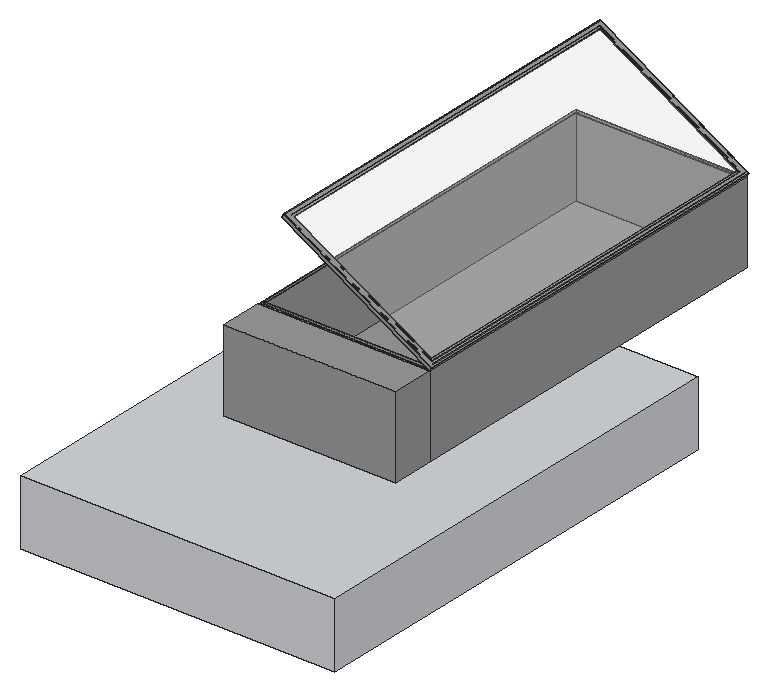
Revit family "Hager-Univers-IP55-D400-H2050-Cl.I-Steel_encl-NoHosted-DE-de", category Equipement électrique, Revit 2020
Family settings
  Hôte = Face
  Configuration du panneau = Deux colonnes, circuits au sein
  Cote de connecteur circulaire = Utiliser le diamètre
  Type d'élément = Tableau de raccordement
  Couper avec des vides une fois chargée = Non
  Partagée = Non
  Point de calcul de pièce = Non
Parameters (values of type "Bodenaufstellung IP55 B800 H2050 T400  - FR23V2")
  Width Control [instance] = if([EF000008 - Breite] > Min Width, [EF000008 - Breite], Min Width)  # 800 mm
  Commentaires du type = [HG000003 - Bereich]  # "Univers"
  Thickness Door [instance] = if([EF009171 - Materialstärke Tür/Deckel] > 3 mm, 3 mm, [EF009171 - Materialstärke Tür/Deckel])  # 1.5 mm
  Seal Frame Offset [instance] = 17 mm  # constant formula
  Plinth Visibility [instance] = [HG000027 - Sockelhöhe] > 0 mm  # yes
  Model = ""
  Min Width [instance] = 100 mm  # constant formula
  Min Height [instance] = 100 mm  # constant formula
  Min Depth [instance] = (2 * [EF009170 - Materialstärke Gehäuse]) + 1 mm  # 4 mm
  Internal Frame Depth [instance] = (Door System Depth * 0.5)  # 9 mm
  Height Control [instance] = if([EF000040 - Höhe] > Min Height, [EF000040 - Höhe], Min Height)  # 2050 mm
  HG000027 - Sockelhöhe = 200 mm
  HG000026 - Stehend auf dem Boden = yes
  HG000024 - Höhe des unteren Teils = 800 mm
  HG000023 - Gehäuse mit doppeltem Querschnitt = no
  HG000016 - 3D-Türsichtbarkeit [instance] = yes
  HG000015 - Sichtbarkeit der Türöffnung [instance] = no
  HG000014 - Tür rechts [instance] = yes
  HG000013 - Tür links [instance] = not([HG000014 - Tür rechts])  # no
  HG000012 - Türschwenkwinkel [instance] = 30.00°
  HG000010 - Asymmetrische Türen = no
  HG000009 - Doppelflügeligen Tür = no
  HG000006 - Unterputz = no
  HG000004 - Herstellerreferenz = "FR23V2"
  HG000003 - Bereich = "Univers"
  HG000002 - Mit tür = yes
  Frame Offset Bottom [instance] = 10 mm  # constant formula
  Frame Offset [instance] = 15 mm  # constant formula
  EF015940 - Deckel mit Überdruckentlastung = no
  EF011959 - Schutzart (NEMA) = ""
  EF009554 - Anzahl der Öffnungen für Flanschplatten = 6
  Fabricant = "Hager"  # constant formula
  EF009212 - Ausführung Deckel = "EV000116 - geschlossen"
  EF009171 - Materialstärke Tür/Deckel = 1.5 mm
  EF009170 - Materialstärke Gehäuse = 1.5 mm
  EF008873 - Nennstrom (In) = 800 A
  EF007800 - Geeignet für Blitzschutz = no
  EF006306 - Mit Schloss = no
  EF006244 - Transparenter Deckel/Tür = yes
  EF005474 - Schutzart (IP) = "EV006420 - IP55"
  EF004464 - Art der Tür = "EV002646 - Einzel"
  EF004427 - Anzahl der Module = 432
  EF004293 - Schlagfestigkeit = "EV008784 - IK10"
  EF003532 - Geeignet für Außengebrauch = no
  EF002950 - Breite in Teilungseinheiten = 24
  EF001613 - Funktionserhalt = "EV000494 - ohne"
  EF001596 - Werkstoff des Gehäuses = "EV000179 - Stahl"
  EF001131 - Innentiefe = 400 mm
  EF001088 - Anbaumöglichkeit = yes
  EF000437 - Anzahl der Leitungseinführungen = 6
  EF000339 - Art der Abdeckung = "EV004216 - Tür"
  EF000266 - Anzahl der Reihen = 12
  EF000218 - Einbautiefe = 0 mm
  EF000118 - Mit Montageplatte = no
  EF000116 - RAL-Nummer = "7035"
  EF000049 - Tiefe = 400 mm
  EF000040 - Höhe = 2050 mm
  EF000008 - Breite = 800 mm
  EF000007 - Farbe = "EV000270 - grau"
  EF000003 - Montageart = "EV012274 - Bodenaufstellung"
  Door System Leaf Tolerance [instance] = 1.5 mm  # constant formula
  Door System Depth [instance] = 18 mm  # constant formula
  Door Height [instance] = Height Control - [HG000027 - Sockelhöhe]  # 1850 mm
  Depth Control [instance] = if([EF000049 - Tiefe] > Min Depth, [EF000049 - Tiefe], Min Depth)  # 400 mm
  Default Elevation = 0 mm
  Connector Offset [instance] = Height Control / 2  # 1025 mm
  Bottom Top Plate Trim [instance] = 1.5 mm  # constant formula
  Plinth height Ctrl [instance] = if([HG000027 - Sockelhöhe] > 0 mm, [HG000027 - Sockelhöhe], 12 mm)  # 200 mm
Types (11, lengths in mm): name | Width Control | HG000010 - Asymmetrische Türen | HG000009 - Doppelflügeligen Tür | HG000004 - Herstellerreferenz | EF009554 - Anzahl der Öffnungen für Flanschplatten | EF006244 - Transparenter Deckel/Tür | EF004464 - Art der Tür | EF004427 - Anzahl der Module | EF000437 - Anzahl der Leitungseinführungen | EF000008 - Breite
  Bodenaufstellung IP55 B1050 H2050 T400  - FR24G2 | 1050 | yes | yes | "FR24G2" | 8 | no | "EV003602 - Doppel" | 576 | 8 | 1050
  Bodenaufstellung IP55 B1050 H2050 T400  - FR24V2 | 1050 | yes | yes | "FR24V2" | 8 | yes | "EV003602 - Doppel" | 576 | 8 | 1050
  Bodenaufstellung IP55 B1300 H2050 T400  - FR25G2 | 1300 | yes | yes | "FR25G2" | 10 | no | "EV003602 - Doppel" | 720 | 10 | 1300
  Bodenaufstellung IP55 B1300 H2050 T400  - FR25V2 | 1300 | yes | yes | "FR25V2" | 10 | yes | "EV003602 - Doppel" | 720 | 10 | 1300
  Bodenaufstellung IP55 B1550 H2050 T400  - FR26G2 | 1550 | yes | yes | "FR26G2" | 12 | no | "EV003602 - Doppel" | 864 | 12 | 1550
  Bodenaufstellung IP55 B1550 H2050 T400  - FR26V2 | 1550 | yes | yes | "FR26V2" | 12 | yes | "EV003602 - Doppel" | 864 | 12 | 1550
  Bodenaufstellung IP55 B300 H2050 T400  - FR21G2 | 300 | no | no | "FR21G2" | 2 | no | "EV002646 - Einzel" | 144 | 2 | 300
  Bodenaufstellung IP55 B550 H2050 T400  - FR22G2 | 550 | no | no | "FR22G2" | 4 | no | "EV002646 - Einzel" | 288 | 4 | 550
  Bodenaufstellung IP55 B550 H2050 T400  - FR22V2 | 550 | no | no | "FR22V2" | 4 | yes | "EV002646 - Einzel" | 288 | 4 | 550
  Bodenaufstellung IP55 B800 H2050 T400  - FR23G2 | 800 | no | no | "FR23G2" | 6 | no | "EV002646 - Einzel" | 432 | 6 | 800
  Bodenaufstellung IP55 B800 H2050 T400  - FR23V2 | 800 | no | no | "FR23V2" | 6 | yes | "EV002646 - Einzel" | 432 | 6 | 800
Reference planes
  plane 1 "Center (Front/Back)": y = 0
  plane 2: z = 0
  plane 3 "Center (Left/Right)": x = 0
  plane 4: z = 400
  plane 5: y = 201.5
  plane 6: y = 1125
  plane 7: y = 200
  plane 8: y = 2050
  plane 9: z = 0
  plane 10: x = -385
  plane 11: x = 385
  plane 12: x = 383.5
  plane 13: x = -383.5
  plane 14: y = 2048.5
  plane 15: x = -383
  plane 16: x = -400
  plane 17: x = 383
  plane 18: x = 400
  plane 19: x = 398.5
  plane 20: x = -398.5
  plane 21: y = 211.5
  plane 22: y = 2050
  plane 23: y = 2033.5
  plane 24: z = 382
  plane 25: z = 1.5
  plane 26: z = 380.5
  plane 27: z = 398.5
Forms (mm)
  Extrusion 1, solid
    sketch origin (0, 0, 0) x (1, 0, 0) y (0, 1, 0)
      loop
        line (-702.964, 1305) -> (-702.964, -811.445) -> (766.763, -811.445) -> (766.763, 1305) -> (-702.964, 1305)
    from 0 to -304.8
  Extrusion 2, solid, material "Hager_Steel_RAL7035_Light_Grey", visible <- "Plinth Visibility", detail levels medium+fine
    sketch origin (0, 0, 0) x (1, 0, 0) y (0, 1, 0)
      loop
        line (-400, 0) -> (400, 0) -> (400, 200) -> (-400, 200) -> (-400, 0)
    from 0 to 382
  Extrusion 3, solid, material "Hager_Steel_RAL7035_Light_Grey", detail levels medium+fine
    sketch origin (0, 0, 0) x (1, 0, 0) y (0, 1, 0)
      loop
        line (-400, 200) -> (400, 200) -> (400, 2050) -> (-400, 2050) -> (-400, 200)
    from 0 to 382
  Extrusion 4, void
    sketch origin (0, 0, 0) x (1, 0, 0) y (0, 1, 0)
      loop
        line (-398.5, 201.5) -> (398.5, 201.5) -> (398.5, 2048.5) -> (-398.5, 2048.5) -> (-398.5, 201.5)
    from 1.5 to 380.5
  Extrusion 5, void
    sketch origin (-381.607, -4572, 382) x (0, -1, 0) y (-1, 0, 0)
      loop
        line (-4783.5, 1.893) -> (-6605.5, 1.893) -> (-6605.5, -765.107) -> (-4783.5, -765.107) -> (-4783.5, 1.893)
    from 0 to 1.5 <- "EF009170 - Materialstärke Gehäuse"
  Extrusion 6, solid, material "Hager_Steel_RAL7035_Light_Grey", detail levels fine
    sketch origin (0, 0, 382) x (1, 0, 0) y (0, 1, 0)
      loop
        line (-383.5, 2033.5) -> (-383.5, 211.5) -> (383.5, 211.5) -> (383.5, 2033.5) -> (-383.5, 2033.5)
      loop
        line (-385, 210) -> (385, 210) -> (385, 2035) -> (-385, 2035) -> (-385, 210)
    from 0 to 9 <- "Internal Frame Depth"
  Extrusion 7, solid, material "Hager_Steel_RAL7035_Light_Grey", detail levels coarse
    sketch origin (0, 0, 0) x (1, 0, 0) y (0, 1, 0)
      loop
        line (-400, 0) -> (400, 0) -> (400, 2050) -> (-400, 2050) -> (-400, 0)
    from 0 to 400
  Sweep 8, void
    path in 3D
      loop
        line (-400, 200, 0) -> (400, 200, 0) -> (400, 200, 382) -> (-400, 200, 382) -> (-400, 200, 0)
    profile origin (-400, 200, 191) x (-1, 0, 0) y (0, -1, 0)
      loop
        line (0, 0) -> (0, 1.5) -> (-1.5, 1.5)
        arc (-1.5, 1.5) -> (-1.061, 0.439) -> (0, 0) r 1.5
Cuts and joins
  Extrusion 4, Extrusion 5 cuts Extrusion 3
  Sweep 8 cuts Extrusion 2
Lines and regions (mm)
  Masking region 1
    outline origin (0, 0, 0) x (1, 0, 0) y (0, 0, 1)
      loop
        line (-400, 400) -> (-400, 0) -> (400, 0) -> (400, 400) -> (-400, 400)
  Masking region 2, detail levels medium+fine
    outline origin (0, 140, 0) x (0, 1, 0) y (0, 0, 1)
      loop
        line (60, 0) -> (1910, 0) -> (1910, 382) -> (60, 382) -> (60, 0)
  Masking region 3, not visible, detail levels medium+fine
    outline origin (0, 297.922, 0) x (0, 1, 0) y (0, 0, 1)
      loop
        line (838.578, 0) -> (878.578, 0) -> (878.578, 388.5)
        arc (878.578, 388.5) -> (875.649, 395.571) -> (868.578, 398.5) r 10
        line (868.578, 398.5) -> (838.578, 398.5) -> (838.578, 0)
  Masking region 4, detail levels coarse
    outline origin (0, 0, 180) x (0, 1, 0) y (0, 0, 1)
      loop
        line (0, -180) -> (2050, -180) -> (2050, 220) -> (0, 220) -> (0, -180)
  Masking region 5, visible <- "Plinth Visibility", detail levels medium+fine
    outline origin (0, 52.24, 12.345) x (0, 0, -1) y (0, 1, 0)
      loop
        line (10.845, 147.76) -> (-368.155, 147.76)
        arc (-368.155, 147.76) -> (-368.594, 146.699) -> (-369.655, 146.26) r 1.5
        line (-369.655, 146.26) -> (-369.655, -52.24) -> (12.345, -52.24) -> (12.345, 146.26)
        arc (12.345, 146.26) -> (11.285, 146.699) -> (10.845, 147.76) r 1.5
  Masking region 6, detail levels medium+fine
    outline origin (-381.607, -4572, 382) x (-1, 0, 0) y (0, -1, 0)
      loop
        line (18.393, -6622) -> (18.393, -4772) -> (-781.607, -4772) -> (-781.607, -6622) -> (18.393, -6622)
  Masking region 7, visible <- "Plinth Visibility", detail levels medium+fine
    outline origin (-381.607, -4727, 382) x (-1, 0, 0) y (0, -1, 0)
      loop
        arc (16.893, -4927) -> (17.332, -4925.939) -> (18.393, -4925.5) r 1.5
        line (18.393, -4925.5) -> (18.393, -4727) -> (-781.607, -4727) -> (-781.607, -4925.5)
        arc (-781.607, -4925.5) -> (-780.546, -4925.939) -> (-780.107, -4927) r 1.5
        line (-780.107, -4927) -> (16.893, -4927)
  Masking region 8, detail levels coarse
    outline origin (-442.548, -4669.526, 382) x (-1, 0, 0) y (0, -1, 0)
      loop
        line (-42.548, -6719.526) -> (-42.548, -4669.526) -> (-842.548, -4669.526) -> (-842.548, -6719.526) -> (-42.548, -6719.526)
  sketch lines
    curve 1: line (-400, 200, 382) -> (-400, 200, 0)
    curve 2: line (400, 200, 382) -> (-400, 200, 382)
    curve 3: line (400, 200, 382) -> (400, 200, 0)
    curve 4: line (-400, 200, 0) -> (400, 200, 0)
Dimensions and locks
  "Depth Control": plane 4 to Extrusion 1
  "HG000027 - Sockelhöhe": plane 1 "Center (Front/Back)" to plane 7
  "EF009170 - Materialstärke Gehäuse": plane 5 to plane 7
  locked: connector elem to plane 3 "Center (Left/Right)"
  equal spacing: plane 8, plane 6, plane 7
  locked: connector elem to plane 6
  "EF009170 - Materialstärke Gehäuse": plane 8 to plane 14
  "EF009170 - Materialstärke Gehäuse": plane 10 to plane 13
  "EF009170 - Materialstärke Gehäuse": plane 12 to plane 11
  "Frame Offset": plane 20 to plane 13
  "Frame Offset": plane 12 to plane 19
  "EF009170 - Materialstärke Gehäuse": plane 16 to plane 20
  "EF009170 - Materialstärke Gehäuse": plane 19 to plane 18
  "Seal Frame Offset": plane 16 to plane 15
  "Seal Frame Offset": plane 17 to plane 18
  "Frame Offset Bottom": plane 21 to plane 5
  "Frame Offset": plane 14 to plane 23
  equal spacing: plane 16, plane 3 "Center (Left/Right)", plane 18
  "Width Control": plane 16 to plane 18
  "EF009170 - Materialstärke Gehäuse": plane 4 to plane 27
  "EF009170 - Materialstärke Gehäuse": plane 24 to plane 26
  "EF009170 - Materialstärke Gehäuse": plane 25 to level
  "Door System Depth": plane 4 to plane 24
  "Height Control": plane 1 "Center (Front/Back)" to Extrusion 7 sketch curve
  "Height Control": Masking region 4 sketch curve to plane 1 "Center (Front/Back)"
  "Height Control": plane 1 "Center (Front/Back)" to plane 22
  "Bottom Top Plate Trim": profile plane to Sweep 8 sketch curve
  "Bottom Top Plate Trim": Sweep 8 sketch curve to profile plane
  "Plinth height Ctrl": plane 1 "Center (Front/Back)" to Extrusion 2 sketch curve
  "Plinth height Ctrl": Masking region 5 sketch curve to plane 1 "Center (Front/Back)"
  "Plinth height Ctrl": plane 1 "Center (Front/Back)" to Masking region 7 sketch curve
  "Thickness Door": Extrusion 6 sketch curve to Extrusion 6 sketch curve  (x3)
  "Thickness Door": cut or joined group of Extrusion 3, Extrusion 4, Extrusion 5 to Extrusion 6 sketch curve
  radius of Masking region 3 sketch curve = 10 mm
  "Bottom Top Plate Trim": radius of Masking region 5 sketch curve  (x2)
  "Bottom Top Plate Trim": radius of Sweep 8 sketch curve
  "Bottom Top Plate Trim": radius of Masking region 7 sketch curve  (x2)
  aligned and locked: plane 2 to Extrusion 1
  aligned and locked: level to Extrusion 1
  aligned and locked: level to Masking region 1 sketch curve
  aligned and locked: Masking region 1 sketch curve to plane 18
  aligned and locked: Masking region 1 sketch curve to plane 16
  aligned and locked: plane 7 to Masking region 2 sketch curve
  aligned and locked: level to Masking region 3 sketch curve
  aligned and locked: Masking region 3 sketch curve to plane 27
  aligned and locked: level to Masking region 2 sketch curve
  aligned and locked: plane 1 "Center (Front/Back)" to Extrusion 2 sketch curve
  aligned and locked: Extrusion 3 sketch curve to plane 7
  aligned and locked: plane 16 to Extrusion 3 sketch curve
  aligned and locked: plane 18 to Extrusion 3 sketch curve
  aligned and locked: plane 20 to Extrusion 4 sketch curve
  aligned and locked: plane 19 to Extrusion 4 sketch curve
  aligned and locked: Extrusion 4 sketch curve to plane 5
  aligned and locked: Extrusion 4 to plane 25
  aligned and locked: plane 26 to Extrusion 4
  aligned and locked: plane 24 to Extrusion 3
  aligned and locked: Extrusion 5 sketch curve to plane 21
  aligned and locked: Extrusion 5 sketch curve to plane 13
  aligned and locked: Extrusion 5 sketch curve to plane 12
  aligned and locked: plane 18 to Extrusion 7 sketch curve
  aligned and locked: plane 1 "Center (Front/Back)" to Extrusion 7 sketch curve
  aligned and locked: plane 16 to Extrusion 7 sketch curve
  aligned and locked: plane 4 to Extrusion 7
  aligned and locked: Extrusion 7 to level
  aligned and locked: level to Masking region 4 sketch curve
  aligned and locked: Masking region 4 sketch curve to plane 1 "Center (Front/Back)"
  aligned and locked: Masking region 4 sketch curve to plane 4
  aligned and locked: nested 1 to level
  aligned and locked: nested 1 to plane 16
  aligned and locked: plane 8 to Extrusion 3 sketch curve
  aligned and locked: plane 23 to Extrusion 5 sketch curve
  aligned and locked: plane 14 to Extrusion 4 sketch curve
  aligned and locked: Masking region 2 sketch curve to plane 8
  aligned and locked: level to Masking region 5 sketch curve
  aligned and locked: plane 16 to Extrusion 2 sketch curve
  aligned and locked: plane 18 to Extrusion 2 sketch curve
  aligned and locked: Masking region 5 sketch curve to plane 24
  aligned and locked: Masking region 2 sketch curve to plane 24
  aligned and locked: plane 24 to Extrusion 2
  aligned and locked: profile plane to Sweep 8 sketch curve  (x2)
  aligned and locked: Masking region 6 sketch curve to plane 18
  aligned and locked: Masking region 6 sketch curve to plane 22
  aligned and locked: Masking region 6 sketch curve to plane 16
  aligned and locked: plane 8 to plane 22
  aligned and locked: Masking region 6 sketch curve to plane 7
  aligned and locked: Masking region 7 sketch curve to plane 16
  aligned and locked: Masking region 7 sketch curve to plane 1 "Center (Front/Back)"
  aligned and locked: Masking region 7 sketch curve to plane 18
  aligned and locked: Masking region 8 sketch curve to plane 1 "Center (Front/Back)"
  aligned and locked: Masking region 8 sketch curve to plane 18
  aligned and locked: Masking region 8 sketch curve to plane 22
  aligned and locked: Masking region 8 sketch curve to plane 16
  aligned and locked: nested 2 to plane 7
  aligned and locked: plane 3 "Center (Left/Right)" to nested 2
  aligned and locked: nested 2 to plane 24
  aligned and locked: Extrusion 6 sketch curve to cut or joined group of Extrusion 3, Extrusion 4, Extrusion 5  (x4)
Automatic sketch dimensions
  Extrusion 1 sketch curve to Extrusion 1 sketch curve = 1469.727 mm
  Extrusion 1 sketch curve to Extrusion 1 sketch curve = 2116.445 mm
  Masking region 1 sketch curve to plane 4 = 0 mm
  plane 6 to Masking region 3 sketch curve = 11.5 mm
  Masking region 3 sketch curve to Masking region 3 sketch curve = 30 mm
  Masking region 5 sketch curve to plane 1 "Center (Front/Back)" = 0 mm
Nested families
  nested 1: "Hager_Enclosure_Symbol" at (-400, 0, 0) x (1, 0, 0) z (0, -1, 0), Height <- "Depth Control", Width <- "Width Control", type "Hager_Enclosure_Symbol"
    with Width_Ctrl 800 mm, Width 800 mm, Height_Ctrl 400 mm, Height 400 mm, A_Width_Int 26.25 mm, A_Width 315 mm, A_Height_Ctrl 350 mm, A_Height 350 mm
  nested 2: "EC000058_Univers_Door" at (0, 200, 382) x (1, 0, 0) z (0, 1, 0), Leaf_Tolerance <- "Door System Leaf Tolerance", Angle <- "HG000012 - Türschwenkwinkel", Door_Depth <- "Door System Depth", Door_Left <- "HG000013 - Tür links", Transparent <- "EF006244 - Transparenter Deckel/Tür", Assymetrical <- "HG000010 - Asymmetrische Türen", Width <- "Width Control", Clearance <- "HG000015 - Sichtbarkeit der Türöffnung", Double <- "HG000009 - Doppelflügeligen Tür", 3d_Door <- "HG000016 - 3D-Türsichtbarkeit", Lock_Visibility <- "EF006306 - Mit Schloss", Width_Ctrl <- "Width Control", Door_Right <- "HG000014 - Tür rechts", Door <- "HG000002 - Mit tür", Height <- "Door Height", Thickness <- "Thickness Door", type "EC000058_Univers_Door", detail levels medium+fine
    with min_wh 4 mm, Width_Ctrl 800 mm, Width 800 mm, Transparent yes, Thickness 1.5 mm, Seal_Material Hager_Rubber, Lock_Visibility no, Lock_Material Hager_Plastic_RAL9005_Jet_Black, Leaf_Width 800 mm, Leaf_Tolerance_External_Sides 0 mm, Leaf_Tolerance 1.5 mm, Leaf_Offset 0 mm, Leaf_Height 1847 mm, Leaf_2_Width 800 mm, Leaf_2_Offset 400 mm, Leaf_1_Width 800 mm, Leaf_1_Offset 400 mm, Height_Ctrl 1850 mm, Height 1850 mm, Glass_Material Hager_Glass, Double_Clearance_Ctrl no, Double no, Door_Right_Ctrl yes, Door_Right yes, Door_Material Hager_Steel_RAL7035_Light_Grey, Door_Left_Ctrl no, Door_Left no, Door_Depth 18 mm, Door yes, Clearance_Material Hager_Clearance, Clearance_Depth 800 mm, Clearance_Ctrl no, Clearance no, Assymetrical no, Angle 30.00°, 3d_Door yes
Connectors
  electrical at (0, 1125, 0)
    settings: on plane 9, index 1, voltage 0 V, apparent load 0 VA, apparent load phase1 0 VA, apparent load phase2 0 VA, apparent load phase3 0 VA, power factor 1, load classification "Other", number of poles 1, system type 30, power factor state 1, is connector primary yes, connector utility no, sub classification motor no, connector description ""
Definition of nested family "EC000058_Univers_Door"
  Parameters (values of type "EC000058_Univers_Door")
    min_wh [instance] = (2 * Thickness) + 1 mm  # 11 mm
    Width_Ctrl [instance] = 400 mm
    Width [instance] = 500 mm
    Transparent [instance] = yes
    Thickness [instance] = 5 mm
    Seal_Material [instance] = none
    Lock_Visibility [instance] = yes
    Lock_Material [instance] = none
    Leaf_Width [instance] = if((Width_Ctrl - 2 * Leaf_Tolerance_External_Sides) > 0 mm, (Width_Ctrl - 2 * Leaf_Tolerance_External_Sides), min_wh)  # 400 mm
    Leaf_Tolerance_External_Sides [instance] = 0 mm  # constant formula
    Leaf_Tolerance [instance] = 1.5 mm
    Leaf_Offset [instance] = 0 mm  # constant formula
    Leaf_Height [instance] = if((Height_Ctrl - 2 * Leaf_Tolerance) > 0 mm, (Height_Ctrl - 2 * Leaf_Tolerance), min_wh)  # 497 mm
    Leaf_2_Width [instance] = if(and(and(Double, Assymetrical), Door_Left), (Leaf_Width / 3) - (Leaf_Tolerance / 2), if(and(and(Double, Assymetrical), Door_Right), (Leaf_Width / 3) * 2 - (Leaf_Tolerance / 2), if(and(Double, not(Assymetrical)), (Leaf_Width / 2) - Leaf_Tolerance, Leaf_Width)))  # 400 mm
    Leaf_2_Offset [instance] = if(and(Double, Assymetrical), Leaf_2_Width / 2, if(and(Double, not(Assymetrical)), Leaf_Width / 4, Leaf_Width / 2))  # 200 mm
    Leaf_1_Width [instance] = if(and(and(Double, Assymetrical), Door_Right), (Leaf_Width / 3) - (Leaf_Tolerance / 2), if(and(and(Double, Assymetrical), Door_Left), (Width / 3) * 2 - (Leaf_Tolerance / 2), if(and(Double, not(Assymetrical)), (Leaf_Width / 2) - Leaf_Tolerance, Leaf_Width)))  # 400 mm
    Leaf_1_Offset [instance] = if(and(Double, Assymetrical), Leaf_1_Width / 2, if(and(Double, not(Assymetrical)), Leaf_Width / 4, Leaf_Width / 2))  # 200 mm
    Height_Ctrl [instance] = if(Height > min_wh, Height, min_wh)  # 500 mm
    Height [instance] = 500 mm
    Glass_Material [instance] = none
    Double_Clearance_Ctrl [instance] = and(Double, Clearance)  # no
    Double [instance] = no
    Door_Right_Ctrl [instance] = and(or(Door_Right, Double), Door)  # yes
    Door_Right [instance] = yes
    Door_Material [instance] = none
    Door_Left_Ctrl [instance] = and(or(Door_Left, Double), Door)  # no
    Door_Left [instance] = no
    Door_Depth [instance] = 30 mm
    Door [instance] = yes
    Default Elevation = 1219.2 mm
    Clearance_Material [instance] = none
    Clearance_Depth [instance] = if(Leaf_1_Width > Leaf_2_Width, Leaf_1_Width, Leaf_2_Width)  # 400 mm
    Clearance_Ctrl [instance] = and(not(Double), Clearance)  # yes
    Clearance [instance] = yes
    Assymetrical [instance] = yes
    Angle [instance] = 30.00°
    3d_Door [instance] = yes
  Reference planes
    plane 1 "Center (Front/Back)": y = 0
    plane 2 "Bottom": z = 0
    plane 3 "Center (Left/Right)": x = 0
    plane 4: z = 500
    plane 5: x = -200
    plane 6: x = 200
    plane 7: z = 500
    plane 8: x = -200
    plane 9: z = 0
    plane 10: x = 200
    plane 11: y = 0
    plane 12: z = 1.5
    plane 13: x = -600
    plane 14: y = -400
    plane 15: x = 600
    plane 16: x = 0
    plane 17: x = 0
    plane 18: x = -200
    plane 19: x = 200
    plane 20: z = 498.5
  Forms (mm)
    Extrusion 1, solid, material <- "Clearance_Material", visible <- "Double_Clearance_Ctrl"
      sketch origin (1200, 0, 0) x (1, 0, 0) y (0, 0, -1)
        loop
          line (-1800, -498.5) -> (-600, -498.5) -> (-600, 0) -> (-1800, 0) -> (-1800, -498.5)
      from 0 to -400
  Dimensions and locks
    equal spacing: plane 5, plane 3 "Center (Left/Right)", plane 6
    "Width_Ctrl": plane 5 to plane 6
    "Leaf_Offset": plane 5 to plane 8
    "Leaf_Offset": plane 6 to plane 10
    "Leaf_Offset": plane 9 to level
    "Leaf_Offset": plane 4 to plane 7
    "Height_Ctrl": plane 4 to level
    "Leaf_Tolerance": plane 12 to plane 9
    locked: plane 11 to plane 1 "Center (Front/Back)"
    "Leaf_1_Offset": plane 18 to plane 16
    "Leaf_2_Offset": plane 17 to plane 19
    "Leaf_1_Width": plane 13 to plane 8
    "Leaf_2_Width": plane 10 to plane 15
    "Clearance_Depth": plane 14 to plane 1 "Center (Front/Back)"
    "Leaf_Tolerance_External_Sides": plane 8 to plane 18
    "Leaf_Tolerance_External_Sides": plane 19 to plane 10
    "Leaf_Tolerance": plane 7 to plane 20
    aligned and locked: level to plane 2 "Bottom"
    aligned and locked: nested 1 to plane 16
    aligned and locked: nested 2 to plane 17
    aligned and locked: Extrusion 1 to plane 13
    aligned and locked: plane 15 to Extrusion 1
    aligned and locked: Extrusion 1 to plane 14
    aligned and locked: plane 12 to nested 1
    aligned and locked: nested 2 to plane 12
    aligned and locked: Extrusion 1 to plane 11
    aligned and locked: plane 20 to Extrusion 1
    aligned and locked: nested 2 to plane 11
    aligned and locked: nested 1 to plane 11
  Automatic sketch dimensions
    Extrusion 1 sketch curve to level = 0 mm
    plane 5 to Extrusion 1 sketch curve = 400 mm
    plane 6 to Extrusion 1 sketch curve = 400 mm
    Extrusion 1 sketch curve to plane 4 = 1.5 mm
  Nested families
    nested 1: "EC000058_Univers_Door_Leaf" at (0, 0, 1.5), Width <- "Leaf_1_Width", visible <- "Door_Left_Ctrl", Leaf_Height <- "Leaf_Height", Angle <- "Angle", 3d_Door <- "3d_Door", Transparent <- "Transparent", Clearance Material <- "Clearance_Material", Clearance <- "Clearance_Ctrl", Door_Material <- "Door_Material", Glass_Material <- "Glass_Material", Door_Depth <- "Door_Depth", Lock_Material <- "Lock_Material", Seal_Material <- "Seal_Material", Lock_Visibility <- "Lock_Visibility", Thickness <- "Thickness", type "EC000058_Univers_Door_Leaf"
      with Width 400 mm, Transparent_Glass_Offset 30 mm, Transparent_Ctrl yes, Transparent yes, Thickness 5 mm, Standard no, Seal_Material none, Seal_D2 8 mm, Seal_D1 1 mm, Offset_Internal_Frame 10 mm, Lock_Width 20 mm, Lock_Visibility_3d yes, Lock_Visibility yes, Lock_Thickness_3 3 mm, Lock_Thickness_2 1 mm, Lock_Thickness_1 3 mm, Lock_Radius_Offset_2 16 mm, Lock_Radius_Offset_1 15 mm, Lock_Radius_2 5 mm, Lock_Radius 6 mm, Lock_Offset 5 mm, Lock_Material none, Lock_Height 80 mm, Lock_Cover_Top_Offset_2d 17 mm, Lock_Cover_Height -65 mm, Leaf_Height 497 mm, Internal_Seal_Thickness 8 mm, Internal_Seal_Depth_2 4.5 mm, Internal_Frame_Depth 25 mm, Glass_Thickness -1 mm, Glass_Offset -2 mm, Glass_Material none, Door_Material none, Door_Depth 30 mm, Clearance Material none, Clearance yes, Angle_Ctrl 30.00°, Angle 30.00°, 3d_Door yes
    nested 2: "EC000058_Univers_Door_Leaf" at (0, 0, 1.5) x (-1, 0, 0) z (0, 0, 1), Width <- "Leaf_2_Width", visible <- "Door_Right_Ctrl", Leaf_Height <- "Leaf_Height", Angle <- "Angle", 3d_Door <- "3d_Door", Transparent <- "Transparent", Clearance Material <- "Clearance_Material", Clearance <- "Clearance_Ctrl", Door_Material <- "Door_Material", Glass_Material <- "Glass_Material", Door_Depth <- "Door_Depth", Lock_Material <- "Lock_Material", Seal_Material <- "Seal_Material", Lock_Visibility <- "Lock_Visibility", Thickness <- "Thickness", type "EC000058_Univers_Door_Leaf"
      with Width 400 mm, Transparent_Glass_Offset 30 mm, Transparent_Ctrl yes, Transparent yes, Thickness 5 mm, Standard no, Seal_Material none, Seal_D2 8 mm, Seal_D1 1 mm, Offset_Internal_Frame 10 mm, Lock_Width 20 mm, Lock_Visibility_3d yes, Lock_Visibility yes, Lock_Thickness_3 3 mm, Lock_Thickness_2 1 mm, Lock_Thickness_1 3 mm, Lock_Radius_Offset_2 16 mm, Lock_Radius_Offset_1 15 mm, Lock_Radius_2 5 mm, Lock_Radius 6 mm, Lock_Offset 5 mm, Lock_Material none, Lock_Height 80 mm, Lock_Cover_Top_Offset_2d 17 mm, Lock_Cover_Height -65 mm, Leaf_Height 497 mm, Internal_Seal_Thickness 8 mm, Internal_Seal_Depth_2 4.5 mm, Internal_Frame_Depth 25 mm, Glass_Thickness -1 mm, Glass_Offset -2 mm, Glass_Material none, Door_Material none, Door_Depth 30 mm, Clearance Material none, Clearance yes, Angle_Ctrl 30.00°, Angle 30.00°, 3d_Door yes
  Definition of nested family "EC000058_Univers_Door_Leaf"
    Parameters (values of type "EC000058_Univers_Door_Leaf")
      Width [instance] = 2000 mm
      Transparent_Glass_Offset [instance] = 30 mm
      Transparent_Ctrl [instance] = and(Transparent, [3d_Door])  # yes
      Transparent [instance] = yes
      Thickness [instance] = 5 mm
      Standard [instance] = and(not(Transparent), [3d_Door])  # no
      Seal_Material [instance] = none
      Seal_D2 [instance] = 8 mm  # constant formula
      Seal_D1 [instance] = 1 mm  # constant formula
      Offset_Internal_Frame [instance] = 10 mm  # constant formula
      Lock_Width [instance] = 20 mm  # constant formula
      Lock_Visibility_3d [instance] = and(Lock_Visibility, [3d_Door])  # yes
      Lock_Visibility [instance] = yes
      Lock_Thickness_3 [instance] = 3 mm  # constant formula
      Lock_Thickness_2 [instance] = 1 mm  # constant formula
      Lock_Thickness_1 [instance] = 3 mm  # constant formula
      Lock_Radius_Offset_2 [instance] = Lock_Radius_Offset_1 + 1 mm  # 16 mm
      Lock_Radius_Offset_1 [instance] = 15 mm  # constant formula
      Lock_Radius_2 [instance] = Lock_Radius - 1 mm  # 5 mm
      Lock_Radius [instance] = 6 mm  # constant formula
      Lock_Offset [instance] = 5 mm  # constant formula
      Lock_Material [instance] = none
      Lock_Height [instance] = 80 mm  # constant formula
      Lock_Cover_Top_Offset_2d [instance] = Lock_Radius_Offset_2 + 1 mm  # 17 mm
      Lock_Cover_Height [instance] = -(Lock_Height - Lock_Radius_Offset_1)  # -65 mm
      Leaf_Height [instance] = 2720.336 mm
      Internal_Seal_Thickness [instance] = 8 mm  # constant formula
      Internal_Seal_Depth_2 [instance] = 4.5 mm  # constant formula
      Internal_Frame_Depth [instance] = if(Door_Depth - Thickness > 5 mm, Door_Depth - Thickness, 5 mm)  # 25 mm
      Glass_Thickness [instance] = if(Thickness > 15 mm, Glass_Offset + 10 mm, -1 mm)  # -1 mm
      Glass_Offset [instance] = if(Thickness > 15 mm, -(Thickness + 10 mm) / 2, -2 mm)  # -2 mm
      Glass_Material [instance] = none
      Door_Material [instance] = none
      Door_Depth [instance] = 30 mm
      Default Elevation = 0 mm
      Clearance Material [instance] = none
      Clearance [instance] = yes
      Angle_Ctrl [instance] = if(Angle > 180.00°, 180.00°, Angle)  # 90.00°
      Angle [instance] = 90.00°
      3d_Door [instance] = yes
    Reference planes
      plane 1 "Center (Front/Back)": y = 0
      plane 2: z = 0
      plane 3 "Center (Left/Right)": x = 0
      plane 4: y = 2000
      plane 5: x = -1000
      plane 6: x = 1000
      plane 7: x = -3000
      plane 8: z = 2720.336
      plane 9: z = 30
      plane 10: z = 2690.336
      plane 11: x = 970
      plane 12: x = -970
      plane 13: y = -3
      plane 14: z = 107.833
      plane 15: y = -5
      plane 16: y = -223.314
      plane 17: x = -1000
      plane 18: z = 1360.168
      plane 19: y = 30
    Forms (mm)
      Extrusion 1, solid, material <- "Clearance Material", visible <- "Clearance"
        sketch origin (0, 0, 0) x (1, 0, 0) y (0, 0, 1)
          loop
            line (-3000, 2720.336) -> (-3000, 0) -> (1000, 0) -> (1000, 2720.336) -> (-3000, 2720.336)
        from 0 to -2000
      Extrusion 2, solid, material <- "Door_Material", visible <- "Standard", detail levels medium+fine
        sketch origin (-1000, 0, 0) x (0, 1, 0) y (-1, 0, 0)
          loop
            line (0, 30) -> (0, 25) -> (2000, 25) -> (2000, 30) -> (0, 30)
        from 0 to 2720.336 <- "Leaf_Height"
      Extrusion 3, solid, material <- "Door_Material", visible <- "Transparent_Ctrl", detail levels medium+fine
        sketch origin (-1000, 0, 0) x (0, 1, 0) y (-1, 0, 0)
          loop
            line (0, 25) -> (2000, 25) -> (2000, 30) -> (0, 30) -> (0, 25)
        from 0 to 2720.336 <- "Leaf_Height"
      Extrusion 4, void
        sketch origin (-1025, 2000, 0) x (0, 1, 0) y (0, 0, -1)
          loop
            line (-30, -2690.336) -> (-30, -30) -> (-1970, -30) -> (-1970, -2690.336) -> (-30, -2690.336)
        from 0 to 5 <- "Thickness"
      Sweep 5, solid, material <- "Seal_Material", visible <- "Transparent_Ctrl", detail levels fine
        path in 3D
          loop
            line (-1025, 30, 30) -> (-1025, 30, 2690.336) -> (-1025, 1970, 2690.336) -> (-1025, 1970, 30) -> (-1025, 30, 30)
        profile origin (-1025, 1000, 30) x (1, 0, 0) y (0, 0, 1)
          loop
            line (0, 0) -> (0, -8) -> (1, -8) -> (1, 0) -> (0, 0)
      Extrusion 6, solid, material <- "Glass_Material", visible <- "Transparent_Ctrl", detail levels medium+fine
        sketch origin (-1030, 0, 0) x (0, 1, 0) y (0, 0, -1)
          loop
            line (1970, -2690.336) -> (1970, -30) -> (30, -30) -> (30, -2690.336) -> (1970, -2690.336)
        from -2 <- "Glass_Offset" to -1 <- "Glass_Thickness"
      Extrusion 7, solid, material <- "Door_Material", visible <- "3d_Door", detail levels medium+fine
        sketch origin (-1025, 2000, 0) x (0, -1, 0) y (0, 0, -1)
          loop
            line (0, -2720.336) -> (2000, -2720.336) -> (2000, 0) -> (0, 0) -> (0, -2720.336)
          loop
            line (1995, -5) -> (5, -5) -> (5, -2715.336) -> (1995, -2715.336) -> (1995, -5)
        from 0 to 25 <- "Internal_Frame_Depth"
      Sweep 8, solid, material <- "Seal_Material", visible <- "Transparent_Ctrl", detail levels fine
        path in 3D
          loop
            line (-1025, 0, 0) -> (-1025, 2000, 0) -> (-1025, 2000, 2720.336) -> (-1025, 0, 2720.336) -> (-1025, 0, 0)
        profile origin (-1025, 0, 1360.168) x (1, 0, 0) y (0, 1, 0)
          loop
            line (0, 10) -> (2.975, 10)
            arc (2.975, 10) -> (4.053, 10.447) -> (4.5, 11.525) r 1.525
            line (4.5, 11.525) -> (4.5, 16.527)
            arc (4.5, 16.527) -> (4.069, 17.569) -> (3.027, 18) r 1.473
            line (3.027, 18) -> (0, 18) -> (0, 10)
      Extrusion 9, solid, material <- "Lock_Material", visible <- "Lock_Visibility_3d", detail levels fine
        sketch origin (-1030, 0, 0) x (0, 1, 0) y (0, 0, -1)
          loop
            arc (1993.5, -1400.168) -> (1994.561, -1399.729) -> (1995, -1398.668) r 1.5
            line (1995, -1398.668) -> (1995, -1320.168) -> (1975, -1320.168) -> (1975, -1398.668)
            arc (1975, -1398.668) -> (1975.439, -1399.729) -> (1976.5, -1400.168) r 1.5
            line (1976.5, -1400.168) -> (1993.5, -1400.168)
        from 3 <- "Lock_Thickness_1" to 0
      Blend 10, solid, material <- "Lock_Material", visible <- "Lock_Visibility_3d", detail levels fine
        base sketch origin (-1033, 0, 0) x (0, 1, 0) y (0, 0, -1)
          loop
            line (1975, -1320.168) -> (1975, -1398.668)
            arc (1975, -1398.668) -> (1975.439, -1399.729) -> (1976.5, -1400.168) r 1.5
            line (1976.5, -1400.168) -> (1993.5, -1400.168)
            arc (1993.5, -1400.168) -> (1994.561, -1399.729) -> (1995, -1398.668) r 1.5
            line (1995, -1398.668) -> (1995, -1320.168) -> (1975, -1320.168)
        top sketch origin (-1033, 0, 0) x (0, 1, 0) y (0, 0, -1)
          loop
            line (1976, -1320.168) -> (1976, -1398.668)
            arc (1976, -1398.668) -> (1976.146, -1399.022) -> (1976.5, -1399.168) r 0.5
            line (1976.5, -1399.168) -> (1993.5, -1399.168)
            arc (1993.5, -1399.168) -> (1993.854, -1399.022) -> (1994, -1398.668) r 0.5
            line (1994, -1398.668) -> (1994, -1320.168) -> (1976, -1320.168)
        from 0 to 1 <- "Lock_Thickness_2"
      Blend 11, solid, material <- "Lock_Material", visible <- "Lock_Visibility_3d", detail levels fine
        base sketch origin (-1034, 0, 0) x (0, 1, 0) y (0, 0, -1)
          loop
            line (1978, -1320.168) -> (1978, -1384.168)
            arc (1978, -1384.168) -> (1985, -1391.168) -> (1992, -1384.168) r 7
            line (1992, -1384.168) -> (1992, -1320.168) -> (1978, -1320.168)
        top sketch origin (-1034, 0, 0) x (0, 1, 0) y (0, 0, -1)
          loop
            line (1991, -1320.168) -> (1979, -1320.168) -> (1979, -1383.168)
            arc (1979, -1383.168) -> (1985, -1389.168) -> (1991, -1383.168) r 6
            line (1991, -1383.168) -> (1991, -1320.168)
        from 0 to 3 <- "Lock_Thickness_3"
      Extrusion 12, solid, material <- "Lock_Material", visible <- "Lock_Visibility_3d", detail levels fine
        sketch origin (-1030, 1975, 1320.168) x (1, 0, 0) y (0, -1, 0)
          loop
            line (-7, -19) -> (-7, -1) -> (0, -1) -> (0, 0) -> (-8, 0) -> (-8, -20) -> (0, -20) -> (0, -19) -> (-7, -19)
        from 0 to -65 <- "Lock_Cover_Height"
      Extrusion 13, void
        sketch origin (-1038, 1995, 1320.168) x (-1, 0, 0) y (0, 0, -1)
          loop
            line (-5, -65) -> (0, -65) -> (-5, -60) -> (-5, -65)
        from 0 to 20 <- "Lock_Width"
      Extrusion 14, void
        sketch origin (-1038, 1975, 1320.168) x (0, -1, 0) y (0, 0, -1)
          loop
            circle (-10, -15.995) r 6
          loop
            circle (-10, -15.995) r 5
        from 0 to 2
      Extrusion 15, solid, material <- "Lock_Material", visible <- "Lock_Visibility_3d", detail levels medium
        sketch origin (-1030, 0, 0) x (0, 1, 0) y (0, 0, -1)
          loop
            arc (1993.5, -1400.168) -> (1994.561, -1399.729) -> (1995, -1398.668) r 1.5
            line (1995, -1398.668) -> (1995, -1320.168) -> (1975, -1320.168) -> (1975, -1398.668)
            arc (1975, -1398.668) -> (1975.439, -1399.729) -> (1976.5, -1400.168) r 1.5
            line (1976.5, -1400.168) -> (1993.5, -1400.168)
        from 8 to 0
    Cuts and joins
      Extrusion 4 cuts Extrusion 3
      Extrusion 13, Extrusion 14 cuts Extrusion 9
      Extrusion 14 cuts Blend 11
      Extrusion 13, Extrusion 14 cuts Extrusion 12
      joined: Extrusion 9, Blend 10, Blend 11, Extrusion 12
      Extrusion 14 cuts Extrusion 15
    Lines and regions (mm)
      Masking region 1, visible <- "Lock_Visibility", detail levels fine
        outline origin (0, 0, 0) x (0, 1, 0) y (0, 0, 1)
          loop
            line (30, 1320.168) -> (33, 1320.168) -> (33, 1400.168) -> (30, 1400.168) -> (30, 1320.168)
      Masking region 2, visible <- "Lock_Visibility", detail levels fine
        outline origin (0, 3.143, 0) x (0, 1, 0) y (0, 0, 1)
          loop
            line (29.857, 1354.168) -> (30.857, 1354.168) -> (30.857, 1366.168) -> (29.857, 1366.168) -> (29.857, 1354.168)
      Masking region 3, detail levels medium+fine
        outline origin (0, 0, 0) x (0, 1, 0) y (0, 0, 1)
          loop
            line (0, 0) -> (30, 0) -> (30, 2720.336) -> (0, 2720.336) -> (0, 0)
      Masking region 4, detail levels medium+fine
        outline origin (0, 0, 0) x (1, 0, 0) y (0, 0, 1)
          loop
            line (-1000, 2720.336) -> (-1000, 0) -> (1000, 0) -> (1000, 2720.336) -> (-1000, 2720.336)
      Masking region 5, visible <- "Lock_Visibility", detail levels fine
        outline origin (-47.116, 0, 0) x (1, 0, 0) y (0, 0, 1)
          loop
            arc (1024.616, 1399.168) -> (1023.556, 1398.729) -> (1023.116, 1397.668) r 1.5
            line (1023.116, 1397.668) -> (1023.116, 1320.168) -> (1041.116, 1320.168) -> (1041.116, 1397.668)
            arc (1041.116, 1397.668) -> (1040.677, 1398.729) -> (1039.616, 1399.168) r 1.5
            line (1039.616, 1399.168) -> (1024.616, 1399.168)
      Masking region 6, visible <- "Lock_Visibility", detail levels medium+fine
        outline origin (-25, 0, 0) x (1, 0, 0) y (0, 0, 1)
          loop
            arc (1001.5, 1400.168) -> (1000.439, 1399.729) -> (1000, 1398.668) r 1.5
            line (1000, 1398.668) -> (1000, 1320.168) -> (1020, 1320.168) -> (1020, 1398.668)
            arc (1020, 1398.668) -> (1019.561, 1399.729) -> (1018.5, 1400.168) r 1.5
            line (1018.5, 1400.168) -> (1001.5, 1400.168)
      Masking region 7, visible <- "Lock_Visibility", detail levels fine
        outline origin (-73.735, 0, 0) x (1, 0, 0) y (0, 0, 1)
          loop
            line (1051.735, 1382.168) -> (1065.735, 1382.168) -> (1065.735, 1384.168)
            arc (1065.735, 1384.168) -> (1058.735, 1391.168) -> (1051.735, 1384.168) r 7
            line (1051.735, 1384.168) -> (1051.735, 1382.168)
      Masking region 8, visible <- "Lock_Visibility", detail levels fine
        outline origin (-73.735, 0, 0) x (1, 0, 0) y (0, 0, 1)
          loop
            line (1052.735, 1382.168) -> (1064.735, 1382.168) -> (1064.735, 1383.168)
            arc (1064.735, 1383.168) -> (1058.735, 1389.168) -> (1052.735, 1383.168) r 6
            line (1052.735, 1383.168) -> (1052.735, 1382.168)
      Masking region 9, visible <- "Lock_Visibility", detail levels fine
        outline origin (-25, 0, 0) x (1, 0, 0) y (0, 0, 1)
          loop
            line (1020, 1320.168) -> (1020, 1382.168) -> (1000, 1382.168) -> (1000, 1320.168) -> (1020, 1320.168)
      Masking region 10, detail levels medium+fine
        outline origin (0, 0, 0) x (1, 0, 0) y (0, 0, 1)
          loop
            circle (985, 1335.144) r 6
      Masking region 11, detail levels fine
        outline origin (0, 0, 0) x (1, 0, 0) y (0, 0, 1)
          loop
            circle (985, 1335.144) r 5
      Masking region 12, visible <- "Lock_Visibility", detail levels fine
        outline origin (0, 12.767, 0) x (0, 1, 0) y (0, 0, 1)
          loop
            line (20.233, 1320.168) -> (21.233, 1320.168) -> (21.233, 1399.168) -> (20.233, 1400.168) -> (20.233, 1320.168)
      Masking region 13, visible <- "Lock_Visibility", detail levels fine
        outline origin (0, 13.767, -10) x (0, 1, 0) y (0, 0, 1)
          loop
            line (20.233, 1330.168) -> (23.233, 1330.168) -> (23.233, 1399.168) -> (20.233, 1402.168) -> (20.233, 1330.168)
      Masking region 14, visible <- "Lock_Visibility", detail levels fine
        outline origin (0, 12.767, -10) x (0, 1, 0) y (0, 0, 1)
          loop
            line (20.233, 1330.168) -> (25.233, 1330.168) -> (25.233, 1399.305) -> (20.233, 1394.305) -> (20.233, 1330.168)
      Masking region 15, visible <- "Lock_Visibility", detail levels medium
        outline origin (0, 0, 0) x (0, 1, 0) y (0, 0, 1)
          loop
            line (30, 1320.168) -> (38, 1320.168) -> (38, 1400.168) -> (30, 1400.168) -> (30, 1320.168)
      Masking region 16, visible <- "Lock_Visibility", detail levels fine
        outline origin (-1000, 0, 0) x (0, 1, 0) y (-1, 0, 0)
          loop
            line (1975, 30) -> (1995, 30) -> (1995, 38) -> (1975, 38) -> (1975, 30)
          loop
            line (1979, 37) -> (1976, 37) -> (1976, 34) -> (1978, 34) -> (1979, 37)
          loop
            line (1994, 37) -> (1991, 37) -> (1992, 34) -> (1994, 34) -> (1994, 37)
      Masking region 17, visible <- "Lock_Visibility", detail levels medium
        outline origin (-1000, 0, 0) x (0, 1, 0) y (-1, 0, 0)
          loop
            line (1975, 30) -> (1995, 30) -> (1995, 38) -> (1975, 38) -> (1975, 30)
      symbolic lines
        curve 1: line (1000, 0, 0) -> (-3000, 0, 0)
        curve 2: arc (1000, 0, 0) -> (-1000, 2000, 0) -> (-3000, 0, 0) r 2000
        curve 4: line (-1030, 0, 0) -> (-1030, 2000, 0)
      reference lines
        curve 3: line (-1000, 0, 0) -> (-1000, 2000, 0)
      symbolic lines, detail levels medium+fine
        curve 5: line (-1030, 2000, 0) -> (-1025, 2000, 0)
        curve 7: line (-1025, 0, 0) -> (-1030, 0, 0)
        curve 8: line (-1025, 0, 0) -> (-1000, 0, 0)
        curve 9: line (-1000, 0, 0) -> (-1000, 2000, 0)
        curve 10: line (-1000, 2000, 0) -> (-1025, 2000, 0)
      symbolic lines, detail levels fine
        curve 6: line (-1025, 2000, 0) -> (-1025, 0, 0)
      sketch lines
        curve 11: line (-1025, 0, 2720.336) -> (-1025, 0, 0)
        curve 12: line (-1025, 2000, 0) -> (-1025, 0, 0)
        curve 13: line (-1025, 2000, 2720.336) -> (-1025, 2000, 0)
        curve 14: line (-1025, 0, 2720.336) -> (-1025, 2000, 2720.336)
        curve 15: line (-1025, 1970, 30) -> (-1025, 30, 30)
        curve 16: line (-1025, 30, 30) -> (-1025, 30, 2690.336)
        curve 17: line (-1025, 1970, 2690.336) -> (-1025, 1970, 30)
        curve 18: line (-1025, 30, 2690.336) -> (-1025, 1970, 2690.336)
      symbolic lines, visible <- "Transparent", detail levels medium+fine
        curve 19: line (-970, 0, 2690.336) -> (970, 0, 2690.336)
        curve 20: line (-970, 0, 30) -> (-970, 0, 2690.336)
        curve 21: line (970, 0, 30) -> (-970, 0, 30)
        curve 22: line (970, 0, 2690.336) -> (970, 0, 30)
    Dimensions and locks
      "Width": plane 1 "Center (Front/Back)" to plane 4
      equal spacing: plane 5, plane 3 "Center (Left/Right)", plane 6
      "Width": plane 5 to plane 6
      "Width": plane 7 to plane 5
      "Leaf_Height": plane 8 to level
      "Width": curve 5 to curve 3
      "Width": curve 3 to curve 3
      plane 8 to plane 10 = 30 mm
      plane 9 to level = 30 mm
      plane 12 to plane 5 = 30 mm
      plane 6 to plane 11 = 30 mm
      Extrusion 1 to Extrusion 4 sketch curve = 30 mm
      "Transparent_Glass_Offset": curve 3 to Extrusion 4 sketch curve
      "Transparent_Glass_Offset": Extrusion 4 sketch curve to cut or joined group of Extrusion 3, Extrusion 4  (x2)
      cut or joined group of Extrusion 3, Extrusion 4 to Extrusion 6 sketch curve = 30 mm
      "Transparent_Glass_Offset": cut or joined group of Extrusion 3, Extrusion 4 to Extrusion 4 sketch curve
      "Thickness": curve 6 to curve 4
      "Thickness": Extrusion 7 sketch curve to Extrusion 7 sketch curve  (x4)
      "Door_Depth": curve 4 to curve 3
      "Offset_Internal_Frame": profile plane to Sweep 8 sketch curve
      "Internal_Seal_Thickness": Sweep 8 sketch curve to Sweep 8 sketch curve
      "Internal_Seal_Depth_2": profile plane to Sweep 8 sketch curve
      "Seal_D1": profile plane to Sweep 5 sketch curve
      "Seal_D2": profile plane to Sweep 5 sketch curve
      "Thickness": Extrusion 2 sketch curve to Extrusion 2 sketch curve
      equal spacing: Extrusion 9 sketch curve, plane 18, Extrusion 9 sketch curve  (x2)
      equal spacing: Masking region 1 sketch curve, plane 18, Masking region 1 sketch curve
      "Lock_Height": Masking region 1 sketch curve to Masking region 1 sketch curve
      "Lock_Radius": Masking region 2 sketch curve to plane 18 to Masking region 2 sketch curve
      Masking region 2 sketch curve to Masking region 1 = 1 mm
      "Door_Depth": plane 19 to plane 1 "Center (Front/Back)"
      "Lock_Thickness_1": Masking region 1 sketch curve to plane 19
      "Lock_Width": Extrusion 9 sketch curve to Extrusion 9 sketch curve
      "Lock_Height": Extrusion 9 sketch curve to Extrusion 9 sketch curve
      "Lock_Offset": cut or joined group of Extrusion 3, Extrusion 4 to Extrusion 9 sketch curve
      equal spacing: plane 8, plane 18, level
      "Lock_Radius_Offset_1": Blend 11 sketch curve to Blend 10
      locked: Blend 10 to Blend 11 sketch curve at 2  (x2)
      locked: var sketch to Blend 11 sketch curve at 1  (x2)
      "Lock_Radius_Offset_2": Blend 11 sketch curve to Blend 10
      locked: Extrusion 12 sketch curve to Extrusion 12 sketch curve at 1  (x3)
      Masking region 6 sketch curve to Masking region 6 sketch curve = 80 mm
      "Lock_Height": Masking region 6 sketch curve to Masking region 6 sketch curve
      "Lock_Width": Masking region 6 sketch curve to Masking region 6 sketch curve
      locked: Masking region 6 to Masking region 5 sketch curve at 1  (x3)
      locked: Masking region 5 to Masking region 7 sketch curve at 2  (x2)
      "Lock_Radius_Offset_1": Masking region 5 to Masking region 7 sketch curve
      "Lock_Radius_Offset_2": Masking region 5 to Masking region 8 sketch curve
      locked: Masking region 7 to Masking region 8 sketch curve at 1  (x2)
      "Lock_Cover_Top_Offset_2d": Masking region 5 to Masking region 9 sketch curve
      equal spacing: Masking region 9, Masking region 10 sketch curve, Masking region 9
      equal spacing: Masking region 9, Masking region 11 sketch curve, Masking region 9
      Extrusion 15 sketch curve to Extrusion 15 sketch curve = 80 mm
      "Lock_Width": Extrusion 15 sketch curve to Extrusion 15 sketch curve
      "Lock_Height": Extrusion 15 sketch curve to Extrusion 15 sketch curve
      equal spacing: Extrusion 15 sketch curve, plane 18, Extrusion 15 sketch curve
      "Lock_Thickness_3": Masking region 13 sketch curve to Masking region 13 sketch curve
      "Lock_Height": Masking region 12 sketch curve to Masking region 12 sketch curve
      locked: Masking region 13 sketch curve to Masking region 1 at 8
      locked: Masking region 14 sketch curve to Masking region 13 at 1
      locked: Masking region 14 sketch curve to Masking region 1 at 10.863
      "Lock_Height": Masking region 15 sketch curve to Masking region 15 sketch curve
      "Lock_Offset": Extrusion 15 sketch curve to cut or joined group of Extrusion 3, Extrusion 4
      "Lock_Offset": plane 6 to Masking region 6 sketch curve
      radius of Sweep 8 sketch curve = 1.525 mm
      radius of Sweep 8 sketch curve = 1.473 mm
      radius of Extrusion 9 sketch curve = 1.5 mm  (x2)
      "Lock_Radius": radius of Extrusion 14 sketch curve
      "Lock_Radius_2": radius of Extrusion 14 sketch curve
      "Lock_Radius": radius of Masking region 10 sketch curve
      "Lock_Radius_2": radius of Masking region 11 sketch curve
      radius of Extrusion 15 sketch curve = 1.5 mm  (x2)
      "Angle_Ctrl": angle plane 1 "Center (Front/Back)" to curve 3
      locked: Masking region 12 sketch curve to Masking region 12 sketch curve (angle 45.00°)
      locked: Masking region 13 sketch curve to Masking region 13 sketch curve (angle 45.00°)
      locked: Masking region 14 sketch curve to Masking region 14 sketch curve (angle 45.00°)
      aligned and locked: level to plane 2
      aligned and locked: Extrusion 1 to curve 1
      aligned and locked: plane 6 to Extrusion 1
      aligned and locked: Extrusion 1 to plane 1 "Center (Front/Back)"
      aligned and locked: plane 4 to Extrusion 1
      aligned and locked: plane 8 to Extrusion 1
      aligned and locked: curve 7 to Extrusion 2 sketch curve
      aligned and locked: curve 5 to Extrusion 2 sketch curve
      aligned and locked: curve 7 to Extrusion 3 sketch curve
      aligned and locked: Extrusion 3 sketch curve to curve 4
      aligned and locked: Extrusion 3 sketch curve to curve 6
      aligned and locked: Extrusion 3 sketch curve to curve 5
      aligned and locked: curve 9 to curve 3
      aligned and locked: Extrusion 7 sketch curve to cut or joined group of Extrusion 3, Extrusion 4  (x4)
      aligned and locked: plane 17 to curve 3
      aligned and locked: plane 1 "Center (Front/Back)" to curve 3
      aligned and locked: plane 17 to plane 5
      aligned and locked: Sweep 8 sketch curve to profile plane
      aligned and locked: Sweep 5 sketch curve to profile plane  (x2)
      aligned and locked: Masking region 1 to Masking region 2 sketch curve
      aligned and locked: plane 19 to Masking region 1 sketch curve
      aligned and locked: plane 1 "Center (Front/Back)" to Masking region 3 sketch curve
      aligned and locked: plane 19 to Masking region 3 sketch curve
      aligned and locked: level to Masking region 3 sketch curve
      aligned and locked: Masking region 3 sketch curve to plane 8
      aligned and locked: plane 17 to Masking region 4 sketch curve
      aligned and locked: level to Masking region 4 sketch curve
      aligned and locked: Masking region 4 sketch curve to plane 8
      aligned and locked: plane 12 to curve 20
      aligned and locked: plane 10 to curve 19
      aligned and locked: plane 11 to curve 22
      aligned and locked: curve 21 to plane 9
      aligned and locked: Extrusion 2 sketch curve to cut or joined group of Extrusion 3, Extrusion 4
      aligned and locked: Blend 10 sketch curve to Extrusion 9  (x4)
      aligned and locked: Extrusion 9 to Blend 10 sketch curve
      aligned and locked: Blend 10 to Blend 11 sketch curve
      aligned and locked: Extrusion 12 sketch curve to Blend 11
      aligned and locked: Extrusion 12 sketch curve to Extrusion 9  (x4)
      aligned and locked: Masking region 5 sketch curve to Masking region 6
      aligned and locked: Masking region 9 sketch curve to Masking region 6  (x3)
      aligned and locked: Masking region 12 sketch curve to Masking region 1
      aligned and locked: Masking region 13 sketch curve to Masking region 1
      aligned and locked: Masking region 12 to Masking region 14
      aligned and locked: Masking region 14 sketch curve to Masking region 1
      aligned and locked: Masking region 15 sketch curve to Masking region 14
      aligned and locked: Masking region 13 sketch curve to Masking region 12
      aligned and locked: Masking region 16 sketch curve to cut or joined group of Extrusion 14, Extrusion 15  (x4)
      aligned and locked: Masking region 16 sketch curve to cut or joined group of Extrusion 9, Blend 10, Blend 11, Extrusion 12, Extrusion 13, Extrusion 14  (x6)
      aligned and locked: cut or joined group of Extrusion 9, Blend 10, Blend 11, Extrusion 12, Extrusion 13, Extrusion 14 to Masking region 16 sketch curve
      aligned and locked: Masking region 17 sketch curve to cut or joined group of Extrusion 14, Extrusion 15  (x3)
      aligned and locked: Masking region 17 sketch curve to cut or joined group of Extrusion 9, Blend 10, Blend 11, Extrusion 12, Extrusion 13, Extrusion 14
      aligned and locked: Masking region 9 to Masking region 8 sketch curve
      aligned and locked: Masking region 9 to Masking region 7 sketch curve
    Automatic sketch dimensions
      plane 1 "Center (Front/Back)" to curve 2 = 0 mm
      curve 2 to plane 5 = 0 mm
      Extrusion 1 sketch curve to level = 0 mm
      Extrusion 1 sketch curve to plane 7 = 0 mm
      Extrusion 1 sketch curve to plane 6 = 0 mm
      Extrusion 1 sketch curve to plane 8 = 0 mm
      Extrusion 3 to Extrusion 6 sketch curve = 30 mm  (x4)
      Masking region 4 sketch curve to plane 6 = 0 mm
      Blend 10 sketch curve to Extrusion 9 = 1.5 mm
      Blend 10 sketch curve to Extrusion 9 = 1 mm
      Extrusion 13 sketch curve to Extrusion 12 = 0 mm  (x2)
      Extrusion 12 to Extrusion 13 sketch curve = 3 mm
      Extrusion 13 sketch curve to Extrusion 12 = 5 mm
      Extrusion 14 sketch curve to Extrusion 14 sketch curve = 0 mm  (x2)
      Extrusion 14 sketch curve to Extrusion 12 = 10 mm
      Extrusion 14 sketch curve to Extrusion 12 = 15.995 mm
      Masking region 5 sketch curve to Masking region 5 sketch curve = 1.5 mm  (x2)
      Masking region 10 sketch curve to plane 18 = 25.024 mm
      Masking region 11 sketch curve to plane 18 = 25.024 mm
      plane 19 to Masking region 14 sketch curve = 3 mm
      Masking region 16 sketch curve to Masking region 16 sketch curve = 3 mm
      curve 4 to curve 3 = 0 mm
      Blend 10 to Blend 11 sketch curve = 0 mm
      Masking region 6 sketch curve to Masking region 6 sketch curve = 1.5 mm  (x2)
      Masking region 6 sketch curve to plane 18 = 40 mm
      plane 19 to Masking region 12 sketch curve = 3 mm
      Masking region 12 sketch curve to Masking region 12 sketch curve = 1 mm
      Masking region 15 sketch curve to plane 19 = 0 mm
      Masking region 15 sketch curve to plane 18 = 40 mm
      radius of Blend 10 sketch curve to Extrusion 9 = 1 mm
Definition of nested family "Hager_Enclosure_Symbol"
  Parameters (values of type "Hager_Enclosure_Symbol")
    Width_Ctrl [instance] = if(Width > 1 mm, Width, 1 mm)  # 102.27 mm
    Width [instance] = 102.27 mm
    Height_Ctrl [instance] = if(Height > 1 mm, Height, 1 mm)  # 66.5 mm
    A_Width_Int [instance] = if(A_Width / 12 > 2 mm, A_Width / 12, 2 mm)  # 4.364 mm
    A_Width [instance] = if(A_Height_Ctrl * 0.9 > 2 mm, A_Height_Ctrl * 0.9, 2 mm)  # 52.369 mm
    A_Height_Ctrl [instance] = if(A_Height > 2 mm, A_Height, 2 mm)  # 58.188 mm
    Height [instance] = 66.5 mm
    A_Height [instance] = Height - (Height / 8)  # 58.188 mm
  Reference planes
    plane 1 "Centre (avant/arrière)": y = 0
    plane 2: z = 0
    plane 3 "Centre (gauche/droite)": x = 0
    plane 4: x = 52.369
    plane 5: y = 33.042
    plane 6: y = 41.77
    plane 7: y = 66.5
    plane 8: x = 26.184
    plane 9: y = 37.406
    plane 10: x = 102.27
    plane 11: y = 66.5
    plane 12: y = 8.313
  Lines and regions (mm)
    Filled region 1, type "Solid_Black", in view "Niveau de réf."
      outline origin (0, 0, 0) x (1, 0, 0) y (0, 1, 0)
        loop
          line (52.369, 66.5) -> (33.188, 54.536) -> (45.365, 45.006) -> (52.369, 66.5)
    Filled region 2, type "Solid_Black", in view "Niveau de réf."
      outline origin (0, 0, 0) x (1, 0, 0) y (0, 1, 0)
        loop
          line (0, 0) -> (102.27, 0) -> (102.27, 66.5) -> (0, 0)
    detail lines, in view "Niveau de réf."
      curve 1: line (0, 8.313, 0) -> (26.184, 41.77, 0)
      curve 2: line (26.184, 41.77, 0) -> (26.184, 33.042, 0)
      curve 3: line (26.184, 33.042, 0) -> (52.369, 66.5, 0)
  Dimensions and locks
    "A_Width": plane 3 "Centre (gauche/droite)" to plane 4
    equal spacing: plane 3 "Centre (gauche/droite)", plane 8, plane 4
    equal spacing: plane 6, plane 9, plane 5
    equal spacing: curve 3, Filled region 1 sketch curve, Filled region 1 sketch curve
    "Height_Ctrl": plane 1 "Centre (avant/arrière)" to plane 11
    "A_Height_Ctrl": plane 11 to plane 12
    equal spacing: plane 11, plane 9, plane 12
    "A_Width_Int": plane 6 to plane 9
    "Width_Ctrl": plane 3 "Centre (gauche/droite)" to plane 10
    angle Filled region 1 sketch curve to curve 3 = 20.00°
    angle curve 3 to Filled region 1 sketch curve = 20.00°
    locked: curve 3 to Filled region 1 sketch curve (angle 90.00°)
    aligned and locked: plane 10 to Filled region 2
    aligned and locked: plane 11 to Filled region 2 sketch curve
    aligned and locked: plane 10 to Filled region 2 sketch curve
    aligned and locked: plane 3 "Centre (gauche/droite)" to curve 1
    aligned and locked: plane 12 to curve 1
    aligned and locked: plane 7 to plane 11
  Automatic sketch dimensions
    Filled region 1 sketch curve to plane 4 = 0 mm
    Filled region 1 sketch curve to plane 7 = 0 mm
    plane 1 "Centre (avant/arrière)" to Filled region 2 sketch curve = 0 mm
    Filled region 2 sketch curve to plane 3 "Centre (gauche/droite)" = 0 mm
    curve 2 to plane 6 = 0 mm
    curve 2 to plane 8 = 0 mm
    curve 3 to plane 4 = 0 mm
    curve 2 to plane 5 = 0 mm
    curve 3 to plane 7 = 0 mm
